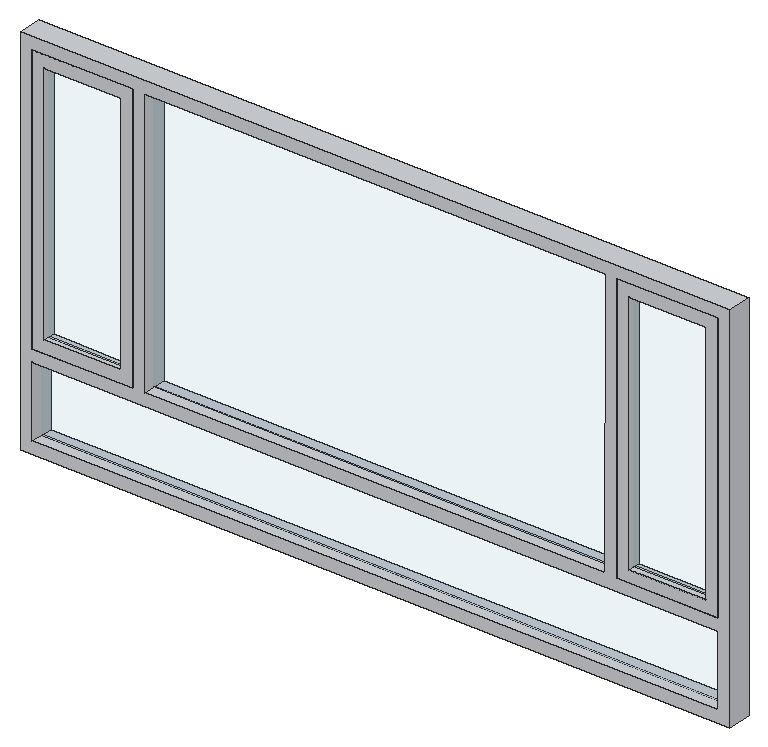
Revit family "W11_鋁窗1", category 窗, Revit 2014
Parameters (values of type "100 x 150 cm")
  熱阻 (R) = 0.271106 (m²·K)/W
  Visual Light Transmittance = 0.9
  Solar Heat Gain Coefficient = 0.78
  營造類型 Id = "GSP4R"
  Height = 1900 mm
  傳熱係數 (U) = 3.6886 W/(m²·K)
  預設窗台高度 = 450 mm
  關鍵註記 = "固定窗-矩形"
  Rough Height = Height  # 1900 mm
  Rough Width = Width  # 3600 mm
  玻璃材質 = 玻璃
  牆封閉 = 依主體
  Width = 3600 mm
  裝飾外框材料 = none
  裝飾外框寬度 = 60 mm
  裝飾外框厚度 = 60 mm
  解析營造 = "1/8 英吋 Pilkington 單層鑲嵌玻璃"
Reference planes
  plane 1: y = 0
  plane 2 "中心 (左/右)": x = 0
  plane 3 "左": x = -1800
  plane 4 "右": x = 1800
  plane 5 "窗台": z = 450
  plane 6 "標頭": z = 2350
  plane 7 "外部": y = 75
  plane 8 "內部": y = -75
  plane 9: x = 1200
  plane 10: x = -1200
  plane 11: z = 900
Forms (mm)
  Extrusion 1, solid, material <- "裝飾外框材料"
    sketch origin (-5000, 0, 0) x (1, 0, 0) y (0, 0, 1)
      loop
        line (6800, 2350) -> (3200, 2350) -> (3200, 450) -> (6800, 450) -> (6800, 2350)
      loop
        line (6740, 2290) -> (6230, 2290) -> (6230, 930) -> (6740, 930) -> (6740, 2290)
      loop
        line (3260, 2290) -> (3260, 930) -> (3770, 930) -> (3770, 2290) -> (3260, 2290)
      loop
        line (3260, 510) -> (6740, 510) -> (6740, 870) -> (3260, 870) -> (3260, 510)
      loop
        line (6170, 930) -> (6170, 2290) -> (3830, 2290) -> (3830, 930) -> (6170, 930)
    from -60 to 60
  Extrusion 2, solid, material "玻璃" <- "玻璃材質"
    sketch origin (-5000, 0, 0) x (1, 0, 0) y (0, 0, 1)
      loop
        line (6170, 2290) -> (3830, 2290) -> (3830, 930) -> (6170, 930) -> (6170, 2290)
      loop
        line (3260, 870) -> (3260, 510) -> (6740, 510) -> (6740, 870) -> (3260, 870)
    from -5 to 5
Lines and regions (mm)
  Opening 1
    outline origin (3500, -75, 0) x (1, 0, 0) y (0, 0, 1)
      loop
        line (-1700, 450) -> (-1700, 2350) -> (-5300, 2350) -> (-5300, 450) -> (-1700, 450)
  symbolic lines, style "立面圖打開方向"
    curve 1: line (-1230, 75, 2290) -> (-1740, 75, 1610)
    curve 2: line (-1740, 75, 1610) -> (-1230, 75, 930)
    curve 3: line (1230, 75, 2290) -> (1740, 75, 1610)
    curve 4: line (1740, 75, 1610) -> (1230, 75, 930)
Text (mm)
  text "外部" at (-1963.203, 1332.353, 0), in view "參考樓層"
  text "內部" at (-1981.466, -818.386, 0), in view "參考樓層"
  text "外部" at (0, 923.751, 2943.296), in view "右"
  text "外部" at (0, 1040.484, 2685.409), in view "左"
Dimensions and locks
  equal spacing: plane 3 "左", plane 2 "中心 (左/右)", plane 4 "右"
  "Width": plane 3 "左" to plane 4 "右"
  "Height": plane 5 "窗台" to plane 6 "標頭"
  "預設窗台高度": plane 5 "窗台" to level
  locked: plane 7 "外部" to host wall at 0
  locked: plane 8 "內部" to host wall
  aligned and locked: nested 1 to Extrusion 1  (x4)
  aligned and locked: Extrusion 1 to Extrusion 2  (x8)
  aligned and locked: nested 2 to Extrusion 1  (x4)
  aligned and locked: Extrusion 1 to nested 2
  aligned and locked: curve 3 to Extrusion 1  (x2)
  aligned and locked: Extrusion 1 to curve 1
  aligned and locked: curve 1 to Extrusion 1
  aligned and locked: Extrusion 1 to nested 1
Automatic sketch dimensions
  plane 3 "左" to Opening 1 sketch curve = 0 mm
  plane 4 "右" to Opening 1 sketch curve = 0 mm
  Opening 1 sketch curve to plane 5 "窗台" = 0 mm
  Opening 1 sketch curve to plane 6 "標頭" = 0 mm
  plane 3 "左" to Extrusion 1 sketch curve = 0 mm
  plane 4 "右" to Extrusion 1 sketch curve = 0 mm
  Extrusion 1 sketch curve to plane 5 "窗台" = 0 mm
  Extrusion 1 sketch curve to plane 6 "標頭" = 0 mm
  Extrusion 1 sketch curve to plane 3 "左" = 60 mm  (x2)
  plane 10 to Extrusion 1 sketch curve = 30 mm
  Extrusion 1 sketch curve to plane 10 = 30 mm
  plane 9 to Extrusion 1 sketch curve = 30 mm
  Extrusion 1 sketch curve to plane 9 = 30 mm
  plane 4 "右" to Extrusion 1 sketch curve = 60 mm  (x2)
  Extrusion 1 sketch curve to plane 5 "窗台" = 60 mm
  Extrusion 1 sketch curve to plane 11 = 30 mm
  plane 11 to Extrusion 1 sketch curve = 30 mm  (x3)
  plane 6 "標頭" to Extrusion 1 sketch curve = 60 mm  (x2)
  Extrusion 1 sketch curve to Extrusion 1 sketch curve = 0 mm
  plane 11 to curve 1 = 710 mm
  plane 10 to curve 2 = 30 mm
  curve 4 to plane 9 = 30 mm
  plane 11 to curve 4 = 710 mm
  plane 11 to curve 2 = 30 mm
  plane 11 to curve 4 = 30 mm
  plane 6 "標頭" to curve 3 = 60 mm
  plane 6 "標頭" to curve 1 = 60 mm
  plane 4 "右" to Extrusion 2 sketch curve = 60 mm
  Extrusion 2 sketch curve to plane 5 "窗台" = 60 mm
  plane 9 to Extrusion 2 sketch curve = 30 mm
  Extrusion 2 sketch curve to plane 10 = 30 mm
  Extrusion 2 sketch curve to plane 3 "左" = 60 mm
  Extrusion 2 sketch curve to plane 11 = 30 mm
  plane 11 to Extrusion 2 sketch curve = 30 mm
  plane 6 "標頭" to Extrusion 2 sketch curve = 60 mm
Nested families
  nested 1: "窗框" at (-1752.428, 919.367, -70), type "窗框"
    with Height 1360 mm, Width 510 mm
  nested 2: "窗框" at (1752.428, 919.367, -70) x (-1, 0, 0) z (0, 0, 1), type "窗框"
    with Height 1360 mm, Width 510 mm
Definition of nested family "窗框"
  Parameters (values of type "窗框")
    Height [instance] = 500 mm
    護桿寬度 = 20 mm
    護桿厚度 = 10 mm
    Rough Height = 500 mm
    Rough Width = 600 mm
    Width [instance] = 600 mm
    裝飾外框材料 = none
    玻璃材質 = none
    玻璃厚度 = 10 mm
    裝飾外框寬度 = 60 mm
    裝飾外框厚度 = 60 mm
    Assembly Code = ""
  Reference planes
    plane 1 "中心 (前/後)": y = -919.367
    plane 2: z = 0
    plane 3 "中心 (左/右)": x = 267.428
    plane 4 "玻璃-上": y = -944.367
    plane 5 "玻璃-下": y = -954.367
    plane 6: y = -979.367
    plane 7: x = -32.572
    plane 8: x = 567.428
    plane 9: x = 27.428
    plane 10: x = 507.428
    plane 11: z = 1440
    plane 12: z = 1500
    plane 13: z = 1060
    plane 14: z = 1000
    plane 15: y = -949.367
  Forms (mm)
    Extrusion 1, solid, material <- "玻璃材質"
      sketch origin (-1499.274, -949.367, 1200) x (-1, 0, 0) y (0, 0, 1)
        loop
          line (-1526.702, 240) -> (-2006.702, 240) -> (-2006.702, -140) -> (-1526.702, -140) -> (-1526.702, 240)
      from -5 to 5
    Extrusion 2, solid, material <- "裝飾外框材料"
      sketch origin (-1499.274, -949.367, 1200) x (-1, 0, 0) y (0, 0, 1)
        loop
          line (-1466.702, 300) -> (-2066.702, 300) -> (-2066.702, -200) -> (-1466.702, -200) -> (-1466.702, 300)
        loop
          line (-1526.702, 240) -> (-2006.702, 240) -> (-2006.702, -140) -> (-1526.702, -140) -> (-1526.702, 240)
      from -30 to 30
  Dimensions and locks
    equal spacing: plane 10, plane 3 "中心 (左/右)", plane 9
    "裝飾外框寬度": plane 8 to plane 10
    "裝飾外框寬度": plane 9 to plane 7
    "裝飾外框寬度": plane 12 to plane 11
    "Width": plane 8 to plane 7
    "裝飾外框寬度": plane 13 to plane 14
    "Height": plane 12 to plane 14
    plane 14 to level = 1000 mm
    equal spacing: plane 4 "玻璃-上", plane 15, plane 5 "玻璃-下"
    "玻璃厚度": plane 4 "玻璃-上" to plane 5 "玻璃-下"
    equal spacing: plane 6, plane 15, plane 1 "中心 (前/後)"
    "裝飾外框厚度": plane 6 to plane 1 "中心 (前/後)"
    aligned and locked: Extrusion 1 sketch curve to plane 11
    aligned and locked: plane 9 to Extrusion 1 sketch curve
    aligned and locked: Extrusion 1 sketch curve to plane 10
    aligned and locked: plane 13 to Extrusion 1 sketch curve
    aligned and locked: plane 7 to Extrusion 2 sketch curve
    aligned and locked: Extrusion 2 sketch curve to plane 12
    aligned and locked: Extrusion 2 sketch curve to plane 8
    aligned and locked: plane 9 to Extrusion 2 sketch curve
    aligned and locked: plane 13 to Extrusion 2 sketch curve
    aligned and locked: Extrusion 2 sketch curve to plane 10
    aligned and locked: Extrusion 2 sketch curve to plane 11
    aligned and locked: Extrusion 2 sketch curve to plane 14
    aligned and locked: plane 2 to level
    aligned and locked: plane 6 to Extrusion 2
    aligned and locked: plane 1 "中心 (前/後)" to Extrusion 2
    aligned and locked: plane 5 "玻璃-下" to Extrusion 1
    aligned and locked: plane 4 "玻璃-上" to Extrusion 1
